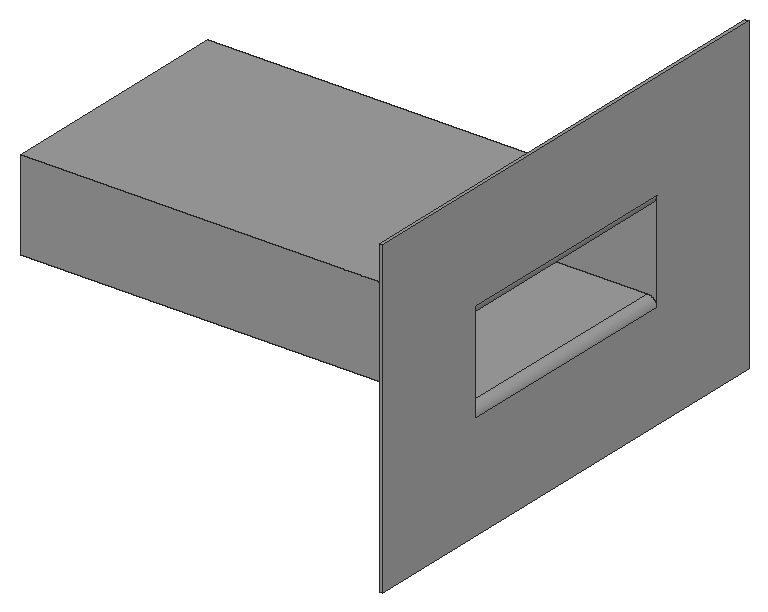
Revit family "Roofing-Aquaknight-Scupper_Overflow-200x75x400_Grey", category Plumbing Fixtures, Revit 2016
Family settings
  Part Type = Normal
  Round Connector Dimension = Use Diameter
  OmniClass Number = 23.60.30.11
  OmniClass Title = Pipework Products for General Use
  Work Plane-Based = No
  Always vertical = No
  Cut with Voids When Loaded = No
  Shared = No
  Room Calculation Point = No
Parameters (values of type "200x75x400 Grey")
  Waste Connection = yes
  Vent Connection = no
  URL = "www.aquaknight.co.nz"
  Phone = "+6498322214"  # constant formula
  Model = "2100.119"
  Material = Aquanight-Grey
  Manufacturer = "Aquaknight Industries Ltd"  # constant formula
  HW Connection = no
  Email = "info@aquaknight.co.nz"  # constant formula
  Description = "Membrane Scupper 200x80 Grey"
  CW Connection = no
Reference planes
  plane 1 "Center (Front/Back)": y = 0
  plane 2: z = 0
  plane 3 "Center (Left/Right)": x = 0
  plane 4: y = -205
  plane 5: y = 205
  plane 6: z = 280
Forms (mm)
  Extrusion 1, solid, material "Aquanight-Grey" <- "Material"
    sketch origin (0, 0, 0) x (0, 1, 0) y (0, 0, 1)
      loop
        line (-205, 280) -> (-205, 0) -> (205, 0) -> (205, 280) -> (-205, 280)
    from 0 to 3
  Extrusion 2, solid, material "Aquanight-Grey" <- "Material"
    sketch origin (0, 0, 0) x (1, 0, 0) y (0, 0, 1)
      loop
        arc (0, 184.804) -> (-1.403, 181.331) -> (-4.826, 179.807) r 5
        line (-4.826, 179.807) -> (-402.961, 165.904) -> (-402.961, 162.902) -> (-4.721, 176.809)
        arc (-4.721, 176.809) -> (0.755, 179.247) -> (3, 184.804) r 8
        line (3, 184.804) -> (0, 184.804)
      loop
        line (-402.961, 85.855) -> (-5.174, 99.746)
        arc (-5.174, 99.746) -> (-1.527, 98.346) -> (0, 94.749) r 5
        line (0, 94.749) -> (3, 94.749)
        arc (3, 94.749) -> (0.557, 100.504) -> (-5.279, 102.744) r 8
        line (-5.279, 102.744) -> (-402.961, 88.857) -> (-402.961, 85.855)
    from -102 to 102
  Extrusion 3, void
    sketch origin (0, 0, 0) x (1, 0, 0) y (0, 0, 1)
      loop
        line (0, 184.804) -> (0, 94.749) -> (3, 94.749) -> (3, 184.804) -> (0, 184.804)
    from -102 to 102
  Extrusion 4, solid, material "Aquanight-Grey" <- "Material"
    sketch origin (0, -102, 0) x (1, 0, 0) y (0, 0, 1)
      loop
        line (-4.826, 179.807) -> (-402.961, 165.904) -> (-402.961, 85.855) -> (-5.174, 99.746)
        arc (-5.174, 99.746) -> (-1.527, 98.346) -> (0, 94.749) r 5
        line (0, 94.749) -> (3, 94.749) -> (3, 184.804) -> (0, 184.804)
        arc (0, 184.804) -> (-1.403, 181.331) -> (-4.826, 179.807) r 5
    from 0 to 3
  Extrusion 5, solid, material "Aquanight-Grey" <- "Material"
    sketch origin (0, 102, 0) x (-1, 0, 0) y (0, 0, 1)
      loop
        line (402.961, 165.904) -> (4.826, 179.807)
        arc (4.826, 179.807) -> (1.403, 181.331) -> (0, 184.804) r 5
        line (0, 184.804) -> (-3, 184.804) -> (-3, 94.749) -> (0, 94.749)
        arc (0, 94.749) -> (1.527, 98.346) -> (5.174, 99.746) r 5
        line (5.174, 99.746) -> (402.961, 85.855) -> (402.961, 165.904)
    from 0 to 3
Cuts and joins
  Extrusion 3 cuts Extrusion 1
  joined: Extrusion 2, Extrusion 4, Extrusion 5
Dimensions and locks
  plane 4 to plane 5 = 410 mm
  equal spacing: plane 4, plane 1 "Center (Front/Back)", plane 5
  plane 6 to level = 280 mm  (x2)
  plane 5 to plane 4 = 410 mm
  Extrusion 5 to Extrusion 4 = 210 mm
  cut or joined group of Extrusion 2, Extrusion 4, Extrusion 5 to cut or joined group of Extrusion 2, Extrusion 4, Extrusion 5 = 210 mm
  cut or joined group of Extrusion 2, Extrusion 4, Extrusion 5 to cut or joined group of Extrusion 2, Extrusion 4, Extrusion 5 = 204 mm
  aligned and locked: level to plane 2
  aligned and locked: Extrusion 1 sketch curve to plane 6
  aligned and locked: plane 4 to Extrusion 1 sketch curve
  aligned and locked: Extrusion 1 sketch curve to plane 5
  aligned and locked: level to Extrusion 1 sketch curve
  aligned and locked: Extrusion 4 sketch curve to Extrusion 2  (x3)
  aligned and locked: Extrusion 5 sketch curve to Extrusion 4  (x4)
Automatic sketch dimensions
  Extrusion 3 sketch curve to plane 3 "Center (Left/Right)" = 0 mm
  plane 3 "Center (Left/Right)" to Extrusion 3 sketch curve = 3 mm
  level to Extrusion 3 sketch curve = 94.749 mm
  Extrusion 3 sketch curve to Extrusion 3 sketch curve = 90.055 mm
  Extrusion 2 sketch curve to plane 6 = 117.098 mm
  Extrusion 2 sketch curve to plane 3 "Center (Left/Right)" = 4.826 mm
  Extrusion 2 sketch curve to Extrusion 2 sketch curve = 0.105 mm  (x2)
  Extrusion 2 sketch curve to Extrusion 2 sketch curve = 3.002 mm  (x2)
  Extrusion 2 sketch curve to Extrusion 2 sketch curve = 0.174 mm
  Extrusion 2 sketch curve to Extrusion 2 sketch curve = 0 mm  (x6)
  level to Extrusion 2 sketch curve = 85.855 mm
  Extrusion 5 sketch curve to Extrusion 2 = 0 mm
  Extrusion 5 sketch curve to Extrusion 5 sketch curve = 3 mm
  Extrusion 5 sketch curve to Extrusion 2 = 4.997 mm  (x2)
  Extrusion 5 sketch curve to Extrusion 5 sketch curve = 0 mm
  Extrusion 2 to Extrusion 4 sketch curve = 0 mm
  Extrusion 4 sketch curve to Extrusion 2 = 0 mm
  Extrusion 4 sketch curve to Extrusion 2 = 4.997 mm  (x2)
  Extrusion 4 sketch curve to Extrusion 4 sketch curve = 3 mm
  Extrusion 4 sketch curve to Extrusion 4 sketch curve = 0 mm
  Extrusion 2 sketch curve to Extrusion 2 sketch curve = 397.786 mm
